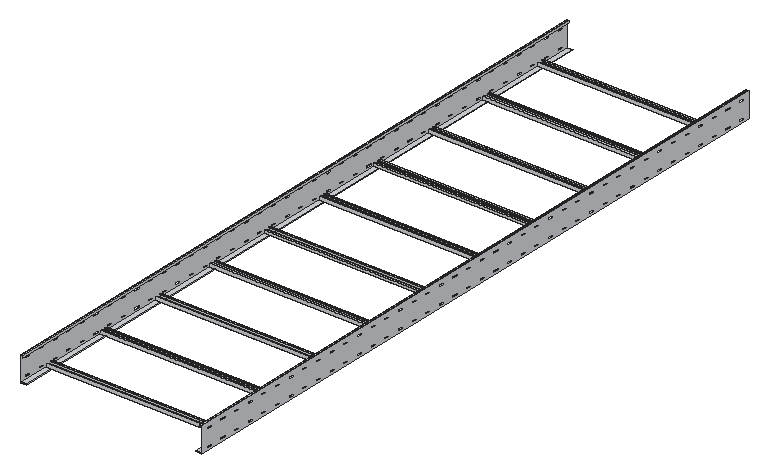
Revit family "Kabelleiter SCLS 1180 3 FTSO", category Generic Models, Revit 2017
Family settings
  Can host rebar = No
  Round Connector Dimension = Use Diameter
  Part Type = Normal
  Work Plane-Based = No
  Always vertical = Yes
  Cut with Voids When Loaded = No
  Shared = No
  Room Calculation Point = No
Parameters (values of type "SLCS 1180 3 FTSO")
  Width = 799.993 mm
  URL = "http://www.obo-bettermann.com"
  Material = none
  Manufacturer Art.No. = "7186412"
  Manufacturer = "OBO BETTERMANN"
  Length = 3000 mm
  GTIN = "4012196696956"
  Cut's number 3 = 2
  Cut's number 2 = 10
  Cut's number = 40
  Article Type = "SLCS 1180 3 FTSO"
Reference planes
  plane 1 "Center (Front/Back)": y = 0
  plane 2: z = 0
  plane 3 "Center (Left/Right)": x = 0
  plane 4: x = 800
  plane 5: x = 800
  plane 6: y = 3000
  plane 7: y = 150
  plane 8: z = 17
  plane 9: y = 135
  plane 10: y = 165
  plane 11: y = 141.5
  plane 12: y = 158.5
  plane 13: y = 450
  plane 14: z = 17
  plane 15: y = 435
  plane 16: y = 465
  plane 17: y = 441.5
  plane 18: y = 458.5
  plane 19: y = 750
  plane 20: z = 17
  plane 21: y = 735
  plane 22: y = 765
  plane 23: y = 741.5
  plane 24: y = 758.5
  plane 25: y = 1050
  plane 26: z = 17
  plane 27: y = 1035
  plane 28: y = 1065
  plane 29: y = 1041.5
  plane 30: y = 1058.5
  plane 31: y = 1350
  plane 32: z = 17
  plane 33: y = 1335
  plane 34: y = 1365
  plane 35: y = 1341.5
  plane 36: y = 1358.5
  plane 37: y = 1650
  plane 38: z = 17
  plane 39: y = 1635
  plane 40: y = 1665
  plane 41: y = 1641.5
  plane 42: y = 1658.5
  plane 43: y = 1950
  plane 44: z = 17
  plane 45: y = 1935
  plane 46: y = 1965
  plane 47: y = 1941.5
  plane 48: y = 1958.5
  plane 49: y = 2250
  plane 50: z = 17
  plane 51: y = 2235
  plane 52: y = 2265
  plane 53: y = 2241.5
  plane 54: y = 2258.5
  plane 55: y = 2550
  plane 56: z = 17
  plane 57: y = 2535
  plane 58: y = 2565
  plane 59: y = 2541.5
  plane 60: y = 2558.5
  plane 61: y = 2850
  plane 62: z = 17
  plane 63: y = 2835
  plane 64: y = 2865
  plane 65: y = 2841.5
  plane 66: y = 2858.5
  plane 67: y = 37.5
  plane 68: z = 14
  plane 69: y = 37.5
  plane 70: z = 89
  plane 71: y = 112.5
  plane 72: z = 14
  plane 73: y = 112.5
  plane 74: z = 89
  plane 75: y = 187.5
  plane 76: z = 14
  plane 77: y = 187.5
  plane 78: z = 89
  plane 79: y = 262.5
  plane 80: z = 14
  plane 81: y = 262.5
  plane 82: z = 89
  plane 83: y = 337.5
  plane 84: z = 14
  plane 85: y = 337.5
  plane 86: z = 89
  plane 87: y = 412.5
  plane 88: z = 14
  plane 89: y = 412.5
  plane 90: z = 89
  plane 91: y = 487.5
  plane 92: z = 14
  plane 93: y = 487.5
  plane 94: z = 89
  plane 95: y = 562.5
  plane 96: z = 14
  plane 97: y = 562.5
  plane 98: z = 89
  plane 99: y = 637.5
  plane 100: z = 14
  plane 101: y = 637.5
  plane 102: z = 89
  plane 103: y = 712.5
  plane 104: z = 14
  plane 105: y = 712.5
  plane 106: z = 89
  plane 107: y = 787.5
  plane 108: z = 14
  plane 109: y = 787.5
  plane 110: z = 89
  plane 111: y = 862.5
  plane 112: z = 14
  plane 113: y = 862.5
  plane 114: z = 89
  plane 115: y = 937.5
  plane 116: z = 14
  plane 117: y = 937.5
  plane 118: z = 89
  plane 119: y = 1012.5
  plane 120: z = 14
  plane 121: y = 1012.5
  plane 122: z = 89
  plane 123: y = 1087.5
  plane 124: z = 14
  plane 125: y = 1087.5
  plane 126: z = 89
  plane 127: y = 1162.5
  plane 128: z = 14
  plane 129: y = 1162.5
  plane 130: z = 89
  plane 131: y = 1237.5
  plane 132: z = 14
  plane 133: y = 1237.5
  plane 134: z = 89
  plane 135: y = 1312.5
  plane 136: z = 14
  plane 137: y = 1312.5
  plane 138: z = 89
  plane 139: y = 1387.5
  plane 140: z = 14
  plane 141: y = 1387.5
  plane 142: z = 89
  plane 143: y = 1462.5
  plane 144: z = 14
  plane 145: y = 1462.5
  plane 146: z = 89
  plane 147: y = 1537.5
  plane 148: z = 14
  plane 149: y = 1537.5
  plane 150: z = 89
  plane 151: y = 1612.5
  plane 152: z = 14
  plane 153: y = 1612.5
  plane 154: z = 89
  plane 155: y = 1687.5
  plane 156: z = 14
  plane 157: y = 1687.5
  plane 158: z = 89
  plane 159: y = 1762.5
  plane 160: z = 14
  plane 161: y = 1762.5
  plane 162: z = 89
  plane 163: y = 1837.5
  plane 164: z = 14
  plane 165: y = 1837.5
  plane 166: z = 89
  plane 167: y = 1912.5
  plane 168: z = 14
  plane 169: y = 1912.5
  plane 170: z = 89
  plane 171: y = 1987.5
  plane 172: z = 14
  plane 173: y = 1987.5
  plane 174: z = 89
  plane 175: y = 2062.5
  plane 176: z = 14
  plane 177: y = 2062.5
  plane 178: z = 89
  plane 179: y = 2137.5
  plane 180: z = 14
  plane 181: y = 2137.5
  plane 182: z = 89
  plane 183: y = 2212.5
  plane 184: z = 14
  plane 185: y = 2212.5
  plane 186: z = 89
  plane 187: y = 2287.5
  plane 188: z = 14
  plane 189: y = 2287.5
  plane 190: z = 89
  plane 191: y = 2362.5
  plane 192: z = 14
  plane 193: y = 2362.5
  plane 194: z = 89
  plane 195: y = 2437.5
  plane 196: z = 14
  plane 197: y = 2437.5
  plane 198: z = 89
  plane 199: y = 2512.5
  plane 200: z = 14
  plane 201: y = 2512.5
  plane 202: z = 89
  plane 203: y = 2587.5
  plane 204: z = 14
  plane 205: y = 2587.5
  plane 206: z = 89
  plane 207: y = 2662.5
  plane 208: z = 14
  plane 209: y = 2662.5
  plane 210: z = 89
  plane 211: y = 2737.5
  plane 212: z = 14
  plane 213: y = 2737.5
  plane 214: z = 89
  plane 215: y = 2812.5
  plane 216: z = 14
  plane 217: y = 2812.5
  plane 218: z = 89
  plane 219: y = 2887.5
  plane 220: z = 14
  plane 221: y = 2887.5
  plane 222: z = 89
  plane 223: y = 2962.5
  plane 224: z = 14
  plane 225: y = 2962.5
  plane 226: z = 89
  plane 227: z = 14
  plane 228: y = 37.5
  plane 229: z = 89
  plane 230: y = 37.5
  plane 231: z = 14
  plane 232: y = 37.5
  plane 233: z = 14
  plane 234: y = 112.5
  plane 235: z = 89
  plane 236: y = 112.5
  plane 237: z = 14
  plane 238: y = 187.5
  plane 239: z = 89
  plane 240: y = 187.5
  plane 241: z = 14
  plane 242: y = 262.5
  plane 243: z = 89
  plane 244: y = 262.5
  plane 245: z = 14
  plane 246: y = 337.5
  plane 247: z = 89
  plane 248: y = 337.5
  plane 249: z = 14
  plane 250: y = 412.5
  plane 251: z = 89
  plane 252: y = 412.5
  plane 253: z = 14
  plane 254: y = 487.5
  plane 255: z = 89
  plane 256: y = 487.5
  plane 257: z = 14
  plane 258: y = 562.5
  plane 259: z = 89
  plane 260: y = 562.5
  plane 261: z = 14
  plane 262: y = 637.5
  plane 263: z = 89
  plane 264: y = 637.5
  plane 265: z = 14
  plane 266: y = 712.5
  plane 267: z = 89
  plane 268: y = 712.5
  plane 269: z = 14
  plane 270: y = 787.5
  plane 271: z = 89
  plane 272: y = 787.5
  plane 273: z = 14
  plane 274: y = 862.5
  plane 275: z = 89
  plane 276: y = 862.5
  plane 277: z = 14
  plane 278: y = 937.5
  plane 279: z = 89
  plane 280: y = 937.5
  plane 281: z = 14
  plane 282: y = 1012.5
  plane 283: z = 89
  plane 284: y = 1012.5
  plane 285: z = 14
  plane 286: y = 1087.5
  plane 287: z = 89
  plane 288: y = 1087.5
  plane 289: z = 14
  plane 290: y = 1162.5
  plane 291: z = 89
  plane 292: y = 1162.5
  plane 293: z = 14
  plane 294: y = 1237.5
  plane 295: z = 89
  plane 296: y = 1237.5
  plane 297: z = 14
  plane 298: y = 1312.5
  plane 299: z = 89
  plane 300: y = 1312.5
  plane 301: z = 14
  plane 302: y = 1387.5
  plane 303: z = 89
  plane 304: y = 1387.5
  plane 305: z = 14
  plane 306: y = 1462.5
  plane 307: z = 89
  plane 308: y = 1462.5
  plane 309: z = 14
  plane 310: y = 1537.5
  plane 311: z = 89
  plane 312: y = 1537.5
  plane 313: z = 14
  plane 314: y = 1612.5
  plane 315: z = 89
  plane 316: y = 1612.5
  plane 317: z = 14
  plane 318: y = 1687.5
  plane 319: z = 89
  plane 320: y = 1687.5
  plane 321: z = 14
  plane 322: y = 1762.5
  plane 323: z = 89
  plane 324: y = 1762.5
  plane 325: z = 14
  plane 326: y = 1837.5
  plane 327: z = 89
  plane 328: y = 1837.5
  plane 329: z = 14
  plane 330: y = 1912.5
  plane 331: z = 89
  plane 332: y = 1912.5
  plane 333: z = 14
  plane 334: y = 1987.5
  plane 335: z = 89
  plane 336: y = 1987.5
  plane 337: z = 14
  plane 338: y = 2062.5
  plane 339: z = 89
  plane 340: y = 2062.5
  plane 341: z = 14
  plane 342: y = 2137.5
  plane 343: z = 89
  plane 344: y = 2137.5
  plane 345: z = 14
  plane 346: y = 2212.5
  plane 347: z = 89
  plane 348: y = 2212.5
  plane 349: z = 14
  plane 350: y = 2287.5
  plane 351: z = 89
  plane 352: y = 2287.5
  plane 353: z = 14
  plane 354: y = 2362.5
  plane 355: z = 89
  plane 356: y = 2362.5
  plane 357: z = 14
  plane 358: y = 2437.5
  plane 359: z = 89
  plane 360: y = 2437.5
  plane 361: z = 14
  plane 362: y = 2512.5
  plane 363: z = 89
  plane 364: y = 2512.5
  plane 365: z = 14
  plane 366: y = 2587.5
  plane 367: z = 89
  plane 368: y = 2587.5
  plane 369: z = 14
  plane 370: y = 2662.5
  plane 371: z = 89
  plane 372: y = 2662.5
  plane 373: z = 14
  plane 374: y = 2737.5
  plane 375: z = 89
  plane 376: y = 2737.5
  plane 377: z = 14
  plane 378: y = 2812.5
  plane 379: z = 89
  plane 380: y = 2812.5
  plane 381: z = 14
  plane 382: y = 2887.5
  plane 383: z = 89
  plane 384: y = 2887.5
  plane 385: z = 14
  plane 386: y = 2962.5
  plane 387: z = 89
  plane 388: y = 2962.5
Forms (mm)
  Extrusion 1, solid, material <- "Material"
    sketch origin (0, 0, 0) x (1, 0, 0) y (0, 0, 1)
      loop
        line (0.02, 0) -> (27.016, 0) -> (27.016, 2) -> (2.02, 2) -> (2.02, 108) -> (10.014, 108) -> (10.014, 101) -> (12.014, 101) -> (12.014, 110) -> (0.02, 110) -> (0.02, 0)
      loop
        line (799.993, 0) -> (799.993, 110) -> (787.993, 110) -> (787.993, 101) -> (789.993, 101) -> (789.993, 108) -> (797.993, 108) -> (797.993, 2) -> (772.982, 2) -> (772.982, 0) -> (799.993, 0)
    from 0 to -3000
  Extrusion 2, solid, material <- "Material"
    sketch origin (0, 0, 0) x (0, 1, 0) y (0, 0, 1)
      loop
        line (135, 2) -> (165, 2) -> (165, 17) -> (158.5, 17) -> (158.5, 15) -> (163, 15) -> (163, 4) -> (137, 4) -> (137, 15) -> (141.5, 15) -> (141.5, 17) -> (135, 17) -> (135, 2)
    from 2.02 to 797.993
  Extrusion 3, solid, material <- "Material"
    sketch origin (0, 300, 0) x (0, 1, 0) y (0, 0, 1)
      loop
        line (135, 2) -> (165, 2) -> (165, 17) -> (158.5, 17) -> (158.5, 15) -> (163, 15) -> (163, 4) -> (137, 4) -> (137, 15) -> (141.5, 15) -> (141.5, 17) -> (135, 17) -> (135, 2)
    from 2.02 to 797.993
  Extrusion 4, solid, material <- "Material"
    sketch origin (0, 600, 0) x (0, 1, 0) y (0, 0, 1)
      loop
        line (135, 2) -> (165, 2) -> (165, 17) -> (158.5, 17) -> (158.5, 15) -> (163, 15) -> (163, 4) -> (137, 4) -> (137, 15) -> (141.5, 15) -> (141.5, 17) -> (135, 17) -> (135, 2)
    from 2.02 to 797.993
  Extrusion 5, solid, material <- "Material"
    sketch origin (0, 900, 0) x (0, 1, 0) y (0, 0, 1)
      loop
        line (135, 2) -> (165, 2) -> (165, 17) -> (158.5, 17) -> (158.5, 15) -> (163, 15) -> (163, 4) -> (137, 4) -> (137, 15) -> (141.5, 15) -> (141.5, 17) -> (135, 17) -> (135, 2)
    from 2.02 to 797.993
  Extrusion 6, solid, material <- "Material"
    sketch origin (0, 1200, 0) x (0, 1, 0) y (0, 0, 1)
      loop
        line (135, 2) -> (165, 2) -> (165, 17) -> (158.5, 17) -> (158.5, 15) -> (163, 15) -> (163, 4) -> (137, 4) -> (137, 15) -> (141.5, 15) -> (141.5, 17) -> (135, 17) -> (135, 2)
    from 2.02 to 797.993
  Extrusion 7, solid, material <- "Material"
    sketch origin (0, 1500, 0) x (0, 1, 0) y (0, 0, 1)
      loop
        line (135, 2) -> (165, 2) -> (165, 17) -> (158.5, 17) -> (158.5, 15) -> (163, 15) -> (163, 4) -> (137, 4) -> (137, 15) -> (141.5, 15) -> (141.5, 17) -> (135, 17) -> (135, 2)
    from 2.02 to 797.993
  Extrusion 8, solid, material <- "Material"
    sketch origin (0, 1800, 0) x (0, 1, 0) y (0, 0, 1)
      loop
        line (135, 2) -> (165, 2) -> (165, 17) -> (158.5, 17) -> (158.5, 15) -> (163, 15) -> (163, 4) -> (137, 4) -> (137, 15) -> (141.5, 15) -> (141.5, 17) -> (135, 17) -> (135, 2)
    from 2.02 to 797.993
  Extrusion 9, solid, material <- "Material"
    sketch origin (0, 2100, 0) x (0, 1, 0) y (0, 0, 1)
      loop
        line (135, 2) -> (165, 2) -> (165, 17) -> (158.5, 17) -> (158.5, 15) -> (163, 15) -> (163, 4) -> (137, 4) -> (137, 15) -> (141.5, 15) -> (141.5, 17) -> (135, 17) -> (135, 2)
    from 2.02 to 797.993
  Extrusion 10, solid, material <- "Material"
    sketch origin (0, 2400, 0) x (0, 1, 0) y (0, 0, 1)
      loop
        line (135, 2) -> (165, 2) -> (165, 17) -> (158.5, 17) -> (158.5, 15) -> (163, 15) -> (163, 4) -> (137, 4) -> (137, 15) -> (141.5, 15) -> (141.5, 17) -> (135, 17) -> (135, 2)
    from 2.02 to 797.993
  Extrusion 11, solid, material <- "Material"
    sketch origin (0, 2700, 0) x (0, 1, 0) y (0, 0, 1)
      loop
        line (135, 2) -> (165, 2) -> (165, 17) -> (158.5, 17) -> (158.5, 15) -> (163, 15) -> (163, 4) -> (137, 4) -> (137, 15) -> (141.5, 15) -> (141.5, 17) -> (135, 17) -> (135, 2)
    from 2.02 to 797.993
  Extrusion 12, void
    sketch origin (0, 0, 0) x (0, 1, 0) y (0, 0, 1)
      loop
        line (23.5, 18.5) -> (23.5, 9.5) -> (51.5, 9.5) -> (51.5, 18.5) -> (23.5, 18.5)
    from 0 to 2.02
  Extrusion 13, void
    sketch origin (0, 0, 75) x (0, 1, 0) y (0, 0, 1)
      loop
        line (23.5, 18.5) -> (23.5, 9.5) -> (51.5, 9.5) -> (51.5, 18.5) -> (23.5, 18.5)
    from 0 to 2.02
  Extrusion 14, void
    sketch origin (0, 75, 0) x (0, 1, 0) y (0, 0, 1)
      loop
        line (23.5, 18.5) -> (23.5, 9.5) -> (51.5, 9.5) -> (51.5, 18.5) -> (23.5, 18.5)
    from 0 to 2.02
  Extrusion 15, void
    sketch origin (0, 75, 75) x (0, 1, 0) y (0, 0, 1)
      loop
        line (23.5, 18.5) -> (23.5, 9.5) -> (51.5, 9.5) -> (51.5, 18.5) -> (23.5, 18.5)
    from 0 to 2.02
  Extrusion 16, void
    sketch origin (0, 150, 0) x (0, 1, 0) y (0, 0, 1)
      loop
        line (23.5, 18.5) -> (23.5, 9.5) -> (51.5, 9.5) -> (51.5, 18.5) -> (23.5, 18.5)
    from 0 to 2.02
  Extrusion 17, void
    sketch origin (0, 150, 75) x (0, 1, 0) y (0, 0, 1)
      loop
        line (23.5, 18.5) -> (23.5, 9.5) -> (51.5, 9.5) -> (51.5, 18.5) -> (23.5, 18.5)
    from 0 to 2.02
  Extrusion 18, void
    sketch origin (0, 225, 0) x (0, 1, 0) y (0, 0, 1)
      loop
        line (23.5, 18.5) -> (23.5, 9.5) -> (51.5, 9.5) -> (51.5, 18.5) -> (23.5, 18.5)
    from 0 to 2.02
  Extrusion 19, void
    sketch origin (0, 225, 75) x (0, 1, 0) y (0, 0, 1)
      loop
        line (23.5, 18.5) -> (23.5, 9.5) -> (51.5, 9.5) -> (51.5, 18.5) -> (23.5, 18.5)
    from 0 to 2.02
  Extrusion 20, void
    sketch origin (0, 300, 0) x (0, 1, 0) y (0, 0, 1)
      loop
        line (23.5, 18.5) -> (23.5, 9.5) -> (51.5, 9.5) -> (51.5, 18.5) -> (23.5, 18.5)
    from 0 to 2.02
  Extrusion 21, void
    sketch origin (0, 300, 75) x (0, 1, 0) y (0, 0, 1)
      loop
        line (23.5, 18.5) -> (23.5, 9.5) -> (51.5, 9.5) -> (51.5, 18.5) -> (23.5, 18.5)
    from 0 to 2.02
  Extrusion 22, void
    sketch origin (0, 375, 0) x (0, 1, 0) y (0, 0, 1)
      loop
        line (23.5, 18.5) -> (23.5, 9.5) -> (51.5, 9.5) -> (51.5, 18.5) -> (23.5, 18.5)
    from 0 to 2.02
  Extrusion 23, void
    sketch origin (0, 375, 75) x (0, 1, 0) y (0, 0, 1)
      loop
        line (23.5, 18.5) -> (23.5, 9.5) -> (51.5, 9.5) -> (51.5, 18.5) -> (23.5, 18.5)
    from 0 to 2.02
  Extrusion 24, void
    sketch origin (0, 450, 0) x (0, 1, 0) y (0, 0, 1)
      loop
        line (23.5, 18.5) -> (23.5, 9.5) -> (51.5, 9.5) -> (51.5, 18.5) -> (23.5, 18.5)
    from 0 to 2.02
  Extrusion 25, void
    sketch origin (0, 450, 75) x (0, 1, 0) y (0, 0, 1)
      loop
        line (23.5, 18.5) -> (23.5, 9.5) -> (51.5, 9.5) -> (51.5, 18.5) -> (23.5, 18.5)
    from 0 to 2.02
  Extrusion 26, void
    sketch origin (0, 525, 0) x (0, 1, 0) y (0, 0, 1)
      loop
        line (23.5, 18.5) -> (23.5, 9.5) -> (51.5, 9.5) -> (51.5, 18.5) -> (23.5, 18.5)
    from 0 to 2.02
  Extrusion 27, void
    sketch origin (0, 525, 75) x (0, 1, 0) y (0, 0, 1)
      loop
        line (23.5, 18.5) -> (23.5, 9.5) -> (51.5, 9.5) -> (51.5, 18.5) -> (23.5, 18.5)
    from 0 to 2.02
  Extrusion 28, void
    sketch origin (0, 600, 0) x (0, 1, 0) y (0, 0, 1)
      loop
        line (23.5, 18.5) -> (23.5, 9.5) -> (51.5, 9.5) -> (51.5, 18.5) -> (23.5, 18.5)
    from 0 to 2.02
  Extrusion 29, void
    sketch origin (0, 600, 75) x (0, 1, 0) y (0, 0, 1)
      loop
        line (23.5, 18.5) -> (23.5, 9.5) -> (51.5, 9.5) -> (51.5, 18.5) -> (23.5, 18.5)
    from 0 to 2.02
  Extrusion 30, void
    sketch origin (0, 675, 0) x (0, 1, 0) y (0, 0, 1)
      loop
        line (23.5, 18.5) -> (23.5, 9.5) -> (51.5, 9.5) -> (51.5, 18.5) -> (23.5, 18.5)
    from 0 to 2.02
  Extrusion 31, void
    sketch origin (0, 675, 75) x (0, 1, 0) y (0, 0, 1)
      loop
        line (23.5, 18.5) -> (23.5, 9.5) -> (51.5, 9.5) -> (51.5, 18.5) -> (23.5, 18.5)
    from 0 to 2.02
  Extrusion 32, void
    sketch origin (0, 750, 0) x (0, 1, 0) y (0, 0, 1)
      loop
        line (23.5, 18.5) -> (23.5, 9.5) -> (51.5, 9.5) -> (51.5, 18.5) -> (23.5, 18.5)
    from 0 to 2.02
  Extrusion 33, void
    sketch origin (0, 750, 75) x (0, 1, 0) y (0, 0, 1)
      loop
        line (23.5, 18.5) -> (23.5, 9.5) -> (51.5, 9.5) -> (51.5, 18.5) -> (23.5, 18.5)
    from 0 to 2.02
  Extrusion 34, void
    sketch origin (0, 825, 0) x (0, 1, 0) y (0, 0, 1)
      loop
        line (23.5, 18.5) -> (23.5, 9.5) -> (51.5, 9.5) -> (51.5, 18.5) -> (23.5, 18.5)
    from 0 to 2.02
  Extrusion 35, void
    sketch origin (0, 825, 75) x (0, 1, 0) y (0, 0, 1)
      loop
        line (23.5, 18.5) -> (23.5, 9.5) -> (51.5, 9.5) -> (51.5, 18.5) -> (23.5, 18.5)
    from 0 to 2.02
  Extrusion 36, void
    sketch origin (0, 900, 0) x (0, 1, 0) y (0, 0, 1)
      loop
        line (23.5, 18.5) -> (23.5, 9.5) -> (51.5, 9.5) -> (51.5, 18.5) -> (23.5, 18.5)
    from 0 to 2.02
  Extrusion 37, void
    sketch origin (0, 900, 75) x (0, 1, 0) y (0, 0, 1)
      loop
        line (23.5, 18.5) -> (23.5, 9.5) -> (51.5, 9.5) -> (51.5, 18.5) -> (23.5, 18.5)
    from 0 to 2.02
  Extrusion 38, void
    sketch origin (0, 975, 0) x (0, 1, 0) y (0, 0, 1)
      loop
        line (23.5, 18.5) -> (23.5, 9.5) -> (51.5, 9.5) -> (51.5, 18.5) -> (23.5, 18.5)
    from 0 to 2.02
  Extrusion 39, void
    sketch origin (0, 975, 75) x (0, 1, 0) y (0, 0, 1)
      loop
        line (23.5, 18.5) -> (23.5, 9.5) -> (51.5, 9.5) -> (51.5, 18.5) -> (23.5, 18.5)
    from 0 to 2.02
  Extrusion 40, void
    sketch origin (0, 1050, 0) x (0, 1, 0) y (0, 0, 1)
      loop
        line (23.5, 18.5) -> (23.5, 9.5) -> (51.5, 9.5) -> (51.5, 18.5) -> (23.5, 18.5)
    from 0 to 2.02
  Extrusion 41, void
    sketch origin (0, 1050, 75) x (0, 1, 0) y (0, 0, 1)
      loop
        line (23.5, 18.5) -> (23.5, 9.5) -> (51.5, 9.5) -> (51.5, 18.5) -> (23.5, 18.5)
    from 0 to 2.02
  Extrusion 42, void
    sketch origin (0, 1125, 0) x (0, 1, 0) y (0, 0, 1)
      loop
        line (23.5, 18.5) -> (23.5, 9.5) -> (51.5, 9.5) -> (51.5, 18.5) -> (23.5, 18.5)
    from 0 to 2.02
  Extrusion 43, void
    sketch origin (0, 1125, 75) x (0, 1, 0) y (0, 0, 1)
      loop
        line (23.5, 18.5) -> (23.5, 9.5) -> (51.5, 9.5) -> (51.5, 18.5) -> (23.5, 18.5)
    from 0 to 2.02
  Extrusion 44, void
    sketch origin (0, 1200, 0) x (0, 1, 0) y (0, 0, 1)
      loop
        line (23.5, 18.5) -> (23.5, 9.5) -> (51.5, 9.5) -> (51.5, 18.5) -> (23.5, 18.5)
    from 0 to 2.02
  Extrusion 45, void
    sketch origin (0, 1200, 75) x (0, 1, 0) y (0, 0, 1)
      loop
        line (23.5, 18.5) -> (23.5, 9.5) -> (51.5, 9.5) -> (51.5, 18.5) -> (23.5, 18.5)
    from 0 to 2.02
  Extrusion 46, void
    sketch origin (0, 1275, 0) x (0, 1, 0) y (0, 0, 1)
      loop
        line (23.5, 18.5) -> (23.5, 9.5) -> (51.5, 9.5) -> (51.5, 18.5) -> (23.5, 18.5)
    from 0 to 2.02
  Extrusion 47, void
    sketch origin (0, 1275, 75) x (0, 1, 0) y (0, 0, 1)
      loop
        line (23.5, 18.5) -> (23.5, 9.5) -> (51.5, 9.5) -> (51.5, 18.5) -> (23.5, 18.5)
    from 0 to 2.02
  Extrusion 48, void
    sketch origin (0, 1350, 0) x (0, 1, 0) y (0, 0, 1)
      loop
        line (23.5, 18.5) -> (23.5, 9.5) -> (51.5, 9.5) -> (51.5, 18.5) -> (23.5, 18.5)
    from 0 to 2.02
  Extrusion 49, void
    sketch origin (0, 1350, 75) x (0, 1, 0) y (0, 0, 1)
      loop
        line (23.5, 18.5) -> (23.5, 9.5) -> (51.5, 9.5) -> (51.5, 18.5) -> (23.5, 18.5)
    from 0 to 2.02
  Extrusion 50, void
    sketch origin (0, 1425, 0) x (0, 1, 0) y (0, 0, 1)
      loop
        line (23.5, 18.5) -> (23.5, 9.5) -> (51.5, 9.5) -> (51.5, 18.5) -> (23.5, 18.5)
    from 0 to 2.02
  Extrusion 51, void
    sketch origin (0, 1425, 75) x (0, 1, 0) y (0, 0, 1)
      loop
        line (23.5, 18.5) -> (23.5, 9.5) -> (51.5, 9.5) -> (51.5, 18.5) -> (23.5, 18.5)
    from 0 to 2.02
  Extrusion 52, void
    sketch origin (0, 1500, 0) x (0, 1, 0) y (0, 0, 1)
      loop
        line (23.5, 18.5) -> (23.5, 9.5) -> (51.5, 9.5) -> (51.5, 18.5) -> (23.5, 18.5)
    from 0 to 2.02
  Extrusion 53, void
    sketch origin (0, 1500, 75) x (0, 1, 0) y (0, 0, 1)
      loop
        line (23.5, 18.5) -> (23.5, 9.5) -> (51.5, 9.5) -> (51.5, 18.5) -> (23.5, 18.5)
    from 0 to 2.02
  Extrusion 54, void
    sketch origin (0, 1575, 0) x (0, 1, 0) y (0, 0, 1)
      loop
        line (23.5, 18.5) -> (23.5, 9.5) -> (51.5, 9.5) -> (51.5, 18.5) -> (23.5, 18.5)
    from 0 to 2.02
  Extrusion 55, void
    sketch origin (0, 1575, 75) x (0, 1, 0) y (0, 0, 1)
      loop
        line (23.5, 18.5) -> (23.5, 9.5) -> (51.5, 9.5) -> (51.5, 18.5) -> (23.5, 18.5)
    from 0 to 2.02
  Extrusion 56, void
    sketch origin (0, 1650, 0) x (0, 1, 0) y (0, 0, 1)
      loop
        line (23.5, 18.5) -> (23.5, 9.5) -> (51.5, 9.5) -> (51.5, 18.5) -> (23.5, 18.5)
    from 0 to 2.02
  Extrusion 57, void
    sketch origin (0, 1650, 75) x (0, 1, 0) y (0, 0, 1)
      loop
        line (23.5, 18.5) -> (23.5, 9.5) -> (51.5, 9.5) -> (51.5, 18.5) -> (23.5, 18.5)
    from 0 to 2.02
  Extrusion 58, void
    sketch origin (0, 1725, 0) x (0, 1, 0) y (0, 0, 1)
      loop
        line (23.5, 18.5) -> (23.5, 9.5) -> (51.5, 9.5) -> (51.5, 18.5) -> (23.5, 18.5)
    from 0 to 2.02
  Extrusion 59, void
    sketch origin (0, 1725, 75) x (0, 1, 0) y (0, 0, 1)
      loop
        line (23.5, 18.5) -> (23.5, 9.5) -> (51.5, 9.5) -> (51.5, 18.5) -> (23.5, 18.5)
    from 0 to 2.02
  Extrusion 60, void
    sketch origin (0, 1800, 0) x (0, 1, 0) y (0, 0, 1)
      loop
        line (23.5, 18.5) -> (23.5, 9.5) -> (51.5, 9.5) -> (51.5, 18.5) -> (23.5, 18.5)
    from 0 to 2.02
  Extrusion 61, void
    sketch origin (0, 1800, 75) x (0, 1, 0) y (0, 0, 1)
      loop
        line (23.5, 18.5) -> (23.5, 9.5) -> (51.5, 9.5) -> (51.5, 18.5) -> (23.5, 18.5)
    from 0 to 2.02
  Extrusion 62, void
    sketch origin (0, 1875, 0) x (0, 1, 0) y (0, 0, 1)
      loop
        line (23.5, 18.5) -> (23.5, 9.5) -> (51.5, 9.5) -> (51.5, 18.5) -> (23.5, 18.5)
    from 0 to 2.02
  Extrusion 63, void
    sketch origin (0, 1875, 75) x (0, 1, 0) y (0, 0, 1)
      loop
        line (23.5, 18.5) -> (23.5, 9.5) -> (51.5, 9.5) -> (51.5, 18.5) -> (23.5, 18.5)
    from 0 to 2.02
  Extrusion 64, void
    sketch origin (0, 1950, 0) x (0, 1, 0) y (0, 0, 1)
      loop
        line (23.5, 18.5) -> (23.5, 9.5) -> (51.5, 9.5) -> (51.5, 18.5) -> (23.5, 18.5)
    from 0 to 2.02
  Extrusion 65, void
    sketch origin (0, 1950, 75) x (0, 1, 0) y (0, 0, 1)
      loop
        line (23.5, 18.5) -> (23.5, 9.5) -> (51.5, 9.5) -> (51.5, 18.5) -> (23.5, 18.5)
    from 0 to 2.02
  Extrusion 66, void
    sketch origin (0, 2025, 0) x (0, 1, 0) y (0, 0, 1)
      loop
        line (23.5, 18.5) -> (23.5, 9.5) -> (51.5, 9.5) -> (51.5, 18.5) -> (23.5, 18.5)
    from 0 to 2.02
  Extrusion 67, void
    sketch origin (0, 2025, 75) x (0, 1, 0) y (0, 0, 1)
      loop
        line (23.5, 18.5) -> (23.5, 9.5) -> (51.5, 9.5) -> (51.5, 18.5) -> (23.5, 18.5)
    from 0 to 2.02
  Extrusion 68, void
    sketch origin (0, 2100, 0) x (0, 1, 0) y (0, 0, 1)
      loop
        line (23.5, 18.5) -> (23.5, 9.5) -> (51.5, 9.5) -> (51.5, 18.5) -> (23.5, 18.5)
    from 0 to 2.02
  Extrusion 69, void
    sketch origin (0, 2100, 75) x (0, 1, 0) y (0, 0, 1)
      loop
        line (23.5, 18.5) -> (23.5, 9.5) -> (51.5, 9.5) -> (51.5, 18.5) -> (23.5, 18.5)
    from 0 to 2.02
  Extrusion 70, void
    sketch origin (0, 2175, 0) x (0, 1, 0) y (0, 0, 1)
      loop
        line (23.5, 18.5) -> (23.5, 9.5) -> (51.5, 9.5) -> (51.5, 18.5) -> (23.5, 18.5)
    from 0 to 2.02
  Extrusion 71, void
    sketch origin (0, 2175, 75) x (0, 1, 0) y (0, 0, 1)
      loop
        line (23.5, 18.5) -> (23.5, 9.5) -> (51.5, 9.5) -> (51.5, 18.5) -> (23.5, 18.5)
    from 0 to 2.02
  Extrusion 72, void
    sketch origin (0, 2250, 0) x (0, 1, 0) y (0, 0, 1)
      loop
        line (23.5, 18.5) -> (23.5, 9.5) -> (51.5, 9.5) -> (51.5, 18.5) -> (23.5, 18.5)
    from 0 to 2.02
  Extrusion 73, void
    sketch origin (0, 2250, 75) x (0, 1, 0) y (0, 0, 1)
      loop
        line (23.5, 18.5) -> (23.5, 9.5) -> (51.5, 9.5) -> (51.5, 18.5) -> (23.5, 18.5)
    from 0 to 2.02
  Extrusion 74, void
    sketch origin (0, 2325, 0) x (0, 1, 0) y (0, 0, 1)
      loop
        line (23.5, 18.5) -> (23.5, 9.5) -> (51.5, 9.5) -> (51.5, 18.5) -> (23.5, 18.5)
    from 0 to 2.02
  Extrusion 75, void
    sketch origin (0, 2325, 75) x (0, 1, 0) y (0, 0, 1)
      loop
        line (23.5, 18.5) -> (23.5, 9.5) -> (51.5, 9.5) -> (51.5, 18.5) -> (23.5, 18.5)
    from 0 to 2.02
  Extrusion 76, void
    sketch origin (0, 2400, 0) x (0, 1, 0) y (0, 0, 1)
      loop
        line (23.5, 18.5) -> (23.5, 9.5) -> (51.5, 9.5) -> (51.5, 18.5) -> (23.5, 18.5)
    from 0 to 2.02
  Extrusion 77, void
    sketch origin (0, 2400, 75) x (0, 1, 0) y (0, 0, 1)
      loop
        line (23.5, 18.5) -> (23.5, 9.5) -> (51.5, 9.5) -> (51.5, 18.5) -> (23.5, 18.5)
    from 0 to 2.02
  Extrusion 78, void
    sketch origin (0, 2475, 0) x (0, 1, 0) y (0, 0, 1)
      loop
        line (23.5, 18.5) -> (23.5, 9.5) -> (51.5, 9.5) -> (51.5, 18.5) -> (23.5, 18.5)
    from 0 to 2.02
  Extrusion 79, void
    sketch origin (0, 2475, 75) x (0, 1, 0) y (0, 0, 1)
      loop
        line (23.5, 18.5) -> (23.5, 9.5) -> (51.5, 9.5) -> (51.5, 18.5) -> (23.5, 18.5)
    from 0 to 2.02
  Extrusion 80, void
    sketch origin (0, 2550, 0) x (0, 1, 0) y (0, 0, 1)
      loop
        line (23.5, 18.5) -> (23.5, 9.5) -> (51.5, 9.5) -> (51.5, 18.5) -> (23.5, 18.5)
    from 0 to 2.02
  Extrusion 81, void
    sketch origin (0, 2550, 75) x (0, 1, 0) y (0, 0, 1)
      loop
        line (23.5, 18.5) -> (23.5, 9.5) -> (51.5, 9.5) -> (51.5, 18.5) -> (23.5, 18.5)
    from 0 to 2.02
  Extrusion 82, void
    sketch origin (0, 2625, 0) x (0, 1, 0) y (0, 0, 1)
      loop
        line (23.5, 18.5) -> (23.5, 9.5) -> (51.5, 9.5) -> (51.5, 18.5) -> (23.5, 18.5)
    from 0 to 2.02
  Extrusion 83, void
    sketch origin (0, 2625, 75) x (0, 1, 0) y (0, 0, 1)
      loop
        line (23.5, 18.5) -> (23.5, 9.5) -> (51.5, 9.5) -> (51.5, 18.5) -> (23.5, 18.5)
    from 0 to 2.02
  Extrusion 84, void
    sketch origin (0, 2700, 0) x (0, 1, 0) y (0, 0, 1)
      loop
        line (23.5, 18.5) -> (23.5, 9.5) -> (51.5, 9.5) -> (51.5, 18.5) -> (23.5, 18.5)
    from 0 to 2.02
  Extrusion 85, void
    sketch origin (0, 2700, 75) x (0, 1, 0) y (0, 0, 1)
      loop
        line (23.5, 18.5) -> (23.5, 9.5) -> (51.5, 9.5) -> (51.5, 18.5) -> (23.5, 18.5)
    from 0 to 2.02
  Extrusion 86, void
    sketch origin (0, 2775, 0) x (0, 1, 0) y (0, 0, 1)
      loop
        line (23.5, 18.5) -> (23.5, 9.5) -> (51.5, 9.5) -> (51.5, 18.5) -> (23.5, 18.5)
    from 0 to 2.02
  Extrusion 87, void
    sketch origin (0, 2775, 75) x (0, 1, 0) y (0, 0, 1)
      loop
        line (23.5, 18.5) -> (23.5, 9.5) -> (51.5, 9.5) -> (51.5, 18.5) -> (23.5, 18.5)
    from 0 to 2.02
  Extrusion 88, void
    sketch origin (0, 2850, 0) x (0, 1, 0) y (0, 0, 1)
      loop
        line (23.5, 18.5) -> (23.5, 9.5) -> (51.5, 9.5) -> (51.5, 18.5) -> (23.5, 18.5)
    from 0 to 2.02
  Extrusion 89, void
    sketch origin (0, 2850, 75) x (0, 1, 0) y (0, 0, 1)
      loop
        line (23.5, 18.5) -> (23.5, 9.5) -> (51.5, 9.5) -> (51.5, 18.5) -> (23.5, 18.5)
    from 0 to 2.02
  Extrusion 90, void
    sketch origin (0, 2925, 0) x (0, 1, 0) y (0, 0, 1)
      loop
        line (23.5, 18.5) -> (23.5, 9.5) -> (51.5, 9.5) -> (51.5, 18.5) -> (23.5, 18.5)
    from 0 to 2.02
  Extrusion 91, void
    sketch origin (0, 2925, 75) x (0, 1, 0) y (0, 0, 1)
      loop
        line (23.5, 18.5) -> (23.5, 9.5) -> (51.5, 9.5) -> (51.5, 18.5) -> (23.5, 18.5)
    from 0 to 2.02
  Extrusion 92, void
    sketch origin (0, 0, 0) x (0, 1, 0) y (0, 0, 1)
      loop
        line (23.5, 18.5) -> (23.5, 9.5) -> (51.5, 9.5) -> (51.5, 18.5) -> (23.5, 18.5)
    from 797.993 to 799.993
  Extrusion 93, void
    sketch origin (0, 0, 75) x (0, 1, 0) y (0, 0, 1)
      loop
        line (23.5, 18.5) -> (23.5, 9.5) -> (51.5, 9.5) -> (51.5, 18.5) -> (23.5, 18.5)
    from 797.993 to 799.993
  Extrusion 94, void, not visible
    sketch origin (0, 0, 0) x (0, 1, 0) y (0, 0, 1)
      loop
        line (23.5, 18.5) -> (23.5, 9.5) -> (51.5, 9.5) -> (51.5, 18.5) -> (23.5, 18.5)
    from 797.993 to 799.993
  Extrusion 95, void
    sketch origin (0, 75, 0) x (0, 1, 0) y (0, 0, 1)
      loop
        line (23.5, 18.5) -> (23.5, 9.5) -> (51.5, 9.5) -> (51.5, 18.5) -> (23.5, 18.5)
    from 797.993 to 799.993
  Extrusion 96, void
    sketch origin (0, 75, 75) x (0, 1, 0) y (0, 0, 1)
      loop
        line (23.5, 18.5) -> (23.5, 9.5) -> (51.5, 9.5) -> (51.5, 18.5) -> (23.5, 18.5)
    from 797.993 to 799.993
  Extrusion 97, void
    sketch origin (0, 150, 0) x (0, 1, 0) y (0, 0, 1)
      loop
        line (23.5, 18.5) -> (23.5, 9.5) -> (51.5, 9.5) -> (51.5, 18.5) -> (23.5, 18.5)
    from 797.993 to 799.993
  Extrusion 98, void
    sketch origin (0, 150, 75) x (0, 1, 0) y (0, 0, 1)
      loop
        line (23.5, 18.5) -> (23.5, 9.5) -> (51.5, 9.5) -> (51.5, 18.5) -> (23.5, 18.5)
    from 797.993 to 799.993
  Extrusion 99, void
    sketch origin (0, 225, 0) x (0, 1, 0) y (0, 0, 1)
      loop
        line (23.5, 18.5) -> (23.5, 9.5) -> (51.5, 9.5) -> (51.5, 18.5) -> (23.5, 18.5)
    from 797.993 to 799.993
  Extrusion 100, void
    sketch origin (0, 225, 75) x (0, 1, 0) y (0, 0, 1)
      loop
        line (23.5, 18.5) -> (23.5, 9.5) -> (51.5, 9.5) -> (51.5, 18.5) -> (23.5, 18.5)
    from 797.993 to 799.993
  Extrusion 101, void
    sketch origin (0, 300, 0) x (0, 1, 0) y (0, 0, 1)
      loop
        line (23.5, 18.5) -> (23.5, 9.5) -> (51.5, 9.5) -> (51.5, 18.5) -> (23.5, 18.5)
    from 797.993 to 799.993
  Extrusion 102, void
    sketch origin (0, 300, 75) x (0, 1, 0) y (0, 0, 1)
      loop
        line (23.5, 18.5) -> (23.5, 9.5) -> (51.5, 9.5) -> (51.5, 18.5) -> (23.5, 18.5)
    from 797.993 to 799.993
  Extrusion 103, void
    sketch origin (0, 375, 0) x (0, 1, 0) y (0, 0, 1)
      loop
        line (23.5, 18.5) -> (23.5, 9.5) -> (51.5, 9.5) -> (51.5, 18.5) -> (23.5, 18.5)
    from 797.993 to 799.993
  Extrusion 104, void
    sketch origin (0, 375, 75) x (0, 1, 0) y (0, 0, 1)
      loop
        line (23.5, 18.5) -> (23.5, 9.5) -> (51.5, 9.5) -> (51.5, 18.5) -> (23.5, 18.5)
    from 797.993 to 799.993
  Extrusion 105, void
    sketch origin (0, 450, 0) x (0, 1, 0) y (0, 0, 1)
      loop
        line (23.5, 18.5) -> (23.5, 9.5) -> (51.5, 9.5) -> (51.5, 18.5) -> (23.5, 18.5)
    from 797.993 to 799.993
  Extrusion 106, void
    sketch origin (0, 450, 75) x (0, 1, 0) y (0, 0, 1)
      loop
        line (23.5, 18.5) -> (23.5, 9.5) -> (51.5, 9.5) -> (51.5, 18.5) -> (23.5, 18.5)
    from 797.993 to 799.993
  Extrusion 107, void
    sketch origin (0, 525, 0) x (0, 1, 0) y (0, 0, 1)
      loop
        line (23.5, 18.5) -> (23.5, 9.5) -> (51.5, 9.5) -> (51.5, 18.5) -> (23.5, 18.5)
    from 797.993 to 799.993
  Extrusion 108, void
    sketch origin (0, 525, 75) x (0, 1, 0) y (0, 0, 1)
      loop
        line (23.5, 18.5) -> (23.5, 9.5) -> (51.5, 9.5) -> (51.5, 18.5) -> (23.5, 18.5)
    from 797.993 to 799.993
  Extrusion 109, void
    sketch origin (0, 600, 0) x (0, 1, 0) y (0, 0, 1)
      loop
        line (23.5, 18.5) -> (23.5, 9.5) -> (51.5, 9.5) -> (51.5, 18.5) -> (23.5, 18.5)
    from 797.993 to 799.993
  Extrusion 110, void
    sketch origin (0, 600, 75) x (0, 1, 0) y (0, 0, 1)
      loop
        line (23.5, 18.5) -> (23.5, 9.5) -> (51.5, 9.5) -> (51.5, 18.5) -> (23.5, 18.5)
    from 797.993 to 799.993
  Extrusion 111, void
    sketch origin (0, 675, 0) x (0, 1, 0) y (0, 0, 1)
      loop
        line (23.5, 18.5) -> (23.5, 9.5) -> (51.5, 9.5) -> (51.5, 18.5) -> (23.5, 18.5)
    from 797.993 to 799.993
  Extrusion 112, void
    sketch origin (0, 675, 75) x (0, 1, 0) y (0, 0, 1)
      loop
        line (23.5, 18.5) -> (23.5, 9.5) -> (51.5, 9.5) -> (51.5, 18.5) -> (23.5, 18.5)
    from 797.993 to 799.993
  Extrusion 113, void
    sketch origin (0, 750, 0) x (0, 1, 0) y (0, 0, 1)
      loop
        line (23.5, 18.5) -> (23.5, 9.5) -> (51.5, 9.5) -> (51.5, 18.5) -> (23.5, 18.5)
    from 797.993 to 799.993
  Extrusion 114, void
    sketch origin (0, 750, 75) x (0, 1, 0) y (0, 0, 1)
      loop
        line (23.5, 18.5) -> (23.5, 9.5) -> (51.5, 9.5) -> (51.5, 18.5) -> (23.5, 18.5)
    from 797.993 to 799.993
  Extrusion 115, void
    sketch origin (0, 825, 0) x (0, 1, 0) y (0, 0, 1)
      loop
        line (23.5, 18.5) -> (23.5, 9.5) -> (51.5, 9.5) -> (51.5, 18.5) -> (23.5, 18.5)
    from 797.993 to 799.993
  Extrusion 116, void
    sketch origin (0, 825, 75) x (0, 1, 0) y (0, 0, 1)
      loop
        line (23.5, 18.5) -> (23.5, 9.5) -> (51.5, 9.5) -> (51.5, 18.5) -> (23.5, 18.5)
    from 797.993 to 799.993
  Extrusion 117, void
    sketch origin (0, 900, 0) x (0, 1, 0) y (0, 0, 1)
      loop
        line (23.5, 18.5) -> (23.5, 9.5) -> (51.5, 9.5) -> (51.5, 18.5) -> (23.5, 18.5)
    from 797.993 to 799.993
  Extrusion 118, void
    sketch origin (0, 900, 75) x (0, 1, 0) y (0, 0, 1)
      loop
        line (23.5, 18.5) -> (23.5, 9.5) -> (51.5, 9.5) -> (51.5, 18.5) -> (23.5, 18.5)
    from 797.993 to 799.993
  Extrusion 119, void
    sketch origin (0, 975, 0) x (0, 1, 0) y (0, 0, 1)
      loop
        line (23.5, 18.5) -> (23.5, 9.5) -> (51.5, 9.5) -> (51.5, 18.5) -> (23.5, 18.5)
    from 797.993 to 799.993
  Extrusion 120, void
    sketch origin (0, 975, 75) x (0, 1, 0) y (0, 0, 1)
      loop
        line (23.5, 18.5) -> (23.5, 9.5) -> (51.5, 9.5) -> (51.5, 18.5) -> (23.5, 18.5)
    from 797.993 to 799.993
  Extrusion 121, void
    sketch origin (0, 1050, 0) x (0, 1, 0) y (0, 0, 1)
      loop
        line (23.5, 18.5) -> (23.5, 9.5) -> (51.5, 9.5) -> (51.5, 18.5) -> (23.5, 18.5)
    from 797.993 to 799.993
  Extrusion 122, void
    sketch origin (0, 1050, 75) x (0, 1, 0) y (0, 0, 1)
      loop
        line (23.5, 18.5) -> (23.5, 9.5) -> (51.5, 9.5) -> (51.5, 18.5) -> (23.5, 18.5)
    from 797.993 to 799.993
  Extrusion 123, void
    sketch origin (0, 1125, 0) x (0, 1, 0) y (0, 0, 1)
      loop
        line (23.5, 18.5) -> (23.5, 9.5) -> (51.5, 9.5) -> (51.5, 18.5) -> (23.5, 18.5)
    from 797.993 to 799.993
  Extrusion 124, void
    sketch origin (0, 1125, 75) x (0, 1, 0) y (0, 0, 1)
      loop
        line (23.5, 18.5) -> (23.5, 9.5) -> (51.5, 9.5) -> (51.5, 18.5) -> (23.5, 18.5)
    from 797.993 to 799.993
  Extrusion 125, void
    sketch origin (0, 1200, 0) x (0, 1, 0) y (0, 0, 1)
      loop
        line (23.5, 18.5) -> (23.5, 9.5) -> (51.5, 9.5) -> (51.5, 18.5) -> (23.5, 18.5)
    from 797.993 to 799.993
  Extrusion 126, void
    sketch origin (0, 1200, 75) x (0, 1, 0) y (0, 0, 1)
      loop
        line (23.5, 18.5) -> (23.5, 9.5) -> (51.5, 9.5) -> (51.5, 18.5) -> (23.5, 18.5)
    from 797.993 to 799.993
  Extrusion 127, void
    sketch origin (0, 1275, 0) x (0, 1, 0) y (0, 0, 1)
      loop
        line (23.5, 18.5) -> (23.5, 9.5) -> (51.5, 9.5) -> (51.5, 18.5) -> (23.5, 18.5)
    from 797.993 to 799.993
  Extrusion 128, void
    sketch origin (0, 1275, 75) x (0, 1, 0) y (0, 0, 1)
      loop
        line (23.5, 18.5) -> (23.5, 9.5) -> (51.5, 9.5) -> (51.5, 18.5) -> (23.5, 18.5)
    from 797.993 to 799.993
  Extrusion 129, void
    sketch origin (0, 1350, 0) x (0, 1, 0) y (0, 0, 1)
      loop
        line (23.5, 18.5) -> (23.5, 9.5) -> (51.5, 9.5) -> (51.5, 18.5) -> (23.5, 18.5)
    from 797.993 to 799.993
  Extrusion 130, void
    sketch origin (0, 1350, 75) x (0, 1, 0) y (0, 0, 1)
      loop
        line (23.5, 18.5) -> (23.5, 9.5) -> (51.5, 9.5) -> (51.5, 18.5) -> (23.5, 18.5)
    from 797.993 to 799.993
  Extrusion 131, void
    sketch origin (0, 1425, 0) x (0, 1, 0) y (0, 0, 1)
      loop
        line (23.5, 18.5) -> (23.5, 9.5) -> (51.5, 9.5) -> (51.5, 18.5) -> (23.5, 18.5)
    from 797.993 to 799.993
  Extrusion 132, void
    sketch origin (0, 1425, 75) x (0, 1, 0) y (0, 0, 1)
      loop
        line (23.5, 18.5) -> (23.5, 9.5) -> (51.5, 9.5) -> (51.5, 18.5) -> (23.5, 18.5)
    from 797.993 to 799.993
  Extrusion 133, void
    sketch origin (0, 1500, 0) x (0, 1, 0) y (0, 0, 1)
      loop
        line (23.5, 18.5) -> (23.5, 9.5) -> (51.5, 9.5) -> (51.5, 18.5) -> (23.5, 18.5)
    from 797.993 to 799.993
  Extrusion 134, void
    sketch origin (0, 1500, 75) x (0, 1, 0) y (0, 0, 1)
      loop
        line (23.5, 18.5) -> (23.5, 9.5) -> (51.5, 9.5) -> (51.5, 18.5) -> (23.5, 18.5)
    from 797.993 to 799.993
  Extrusion 135, void
    sketch origin (0, 1575, 0) x (0, 1, 0) y (0, 0, 1)
      loop
        line (23.5, 18.5) -> (23.5, 9.5) -> (51.5, 9.5) -> (51.5, 18.5) -> (23.5, 18.5)
    from 797.993 to 799.993
  Extrusion 136, void
    sketch origin (0, 1575, 75) x (0, 1, 0) y (0, 0, 1)
      loop
        line (23.5, 18.5) -> (23.5, 9.5) -> (51.5, 9.5) -> (51.5, 18.5) -> (23.5, 18.5)
    from 797.993 to 799.993
  Extrusion 137, void
    sketch origin (0, 1650, 0) x (0, 1, 0) y (0, 0, 1)
      loop
        line (23.5, 18.5) -> (23.5, 9.5) -> (51.5, 9.5) -> (51.5, 18.5) -> (23.5, 18.5)
    from 797.993 to 799.993
  Extrusion 138, void
    sketch origin (0, 1650, 75) x (0, 1, 0) y (0, 0, 1)
      loop
        line (23.5, 18.5) -> (23.5, 9.5) -> (51.5, 9.5) -> (51.5, 18.5) -> (23.5, 18.5)
    from 797.993 to 799.993
  Extrusion 139, void
    sketch origin (0, 1725, 0) x (0, 1, 0) y (0, 0, 1)
      loop
        line (23.5, 18.5) -> (23.5, 9.5) -> (51.5, 9.5) -> (51.5, 18.5) -> (23.5, 18.5)
    from 797.993 to 799.993
  Extrusion 140, void
    sketch origin (0, 1725, 75) x (0, 1, 0) y (0, 0, 1)
      loop
        line (23.5, 18.5) -> (23.5, 9.5) -> (51.5, 9.5) -> (51.5, 18.5) -> (23.5, 18.5)
    from 797.993 to 799.993
  Extrusion 141, void
    sketch origin (0, 1800, 0) x (0, 1, 0) y (0, 0, 1)
      loop
        line (23.5, 18.5) -> (23.5, 9.5) -> (51.5, 9.5) -> (51.5, 18.5) -> (23.5, 18.5)
    from 797.993 to 799.993
  Extrusion 142, void
    sketch origin (0, 1800, 75) x (0, 1, 0) y (0, 0, 1)
      loop
        line (23.5, 18.5) -> (23.5, 9.5) -> (51.5, 9.5) -> (51.5, 18.5) -> (23.5, 18.5)
    from 797.993 to 799.993
  Extrusion 143, void
    sketch origin (0, 1875, 0) x (0, 1, 0) y (0, 0, 1)
      loop
        line (23.5, 18.5) -> (23.5, 9.5) -> (51.5, 9.5) -> (51.5, 18.5) -> (23.5, 18.5)
    from 797.993 to 799.993
  Extrusion 144, void
    sketch origin (0, 1875, 75) x (0, 1, 0) y (0, 0, 1)
      loop
        line (23.5, 18.5) -> (23.5, 9.5) -> (51.5, 9.5) -> (51.5, 18.5) -> (23.5, 18.5)
    from 797.993 to 799.993
  Extrusion 145, void
    sketch origin (0, 1950, 0) x (0, 1, 0) y (0, 0, 1)
      loop
        line (23.5, 18.5) -> (23.5, 9.5) -> (51.5, 9.5) -> (51.5, 18.5) -> (23.5, 18.5)
    from 797.993 to 799.993
  Extrusion 146, void
    sketch origin (0, 1950, 75) x (0, 1, 0) y (0, 0, 1)
      loop
        line (23.5, 18.5) -> (23.5, 9.5) -> (51.5, 9.5) -> (51.5, 18.5) -> (23.5, 18.5)
    from 797.993 to 799.993
  Extrusion 147, void
    sketch origin (0, 2025, 0) x (0, 1, 0) y (0, 0, 1)
      loop
        line (23.5, 18.5) -> (23.5, 9.5) -> (51.5, 9.5) -> (51.5, 18.5) -> (23.5, 18.5)
    from 797.993 to 799.993
  Extrusion 148, void
    sketch origin (0, 2025, 75) x (0, 1, 0) y (0, 0, 1)
      loop
        line (23.5, 18.5) -> (23.5, 9.5) -> (51.5, 9.5) -> (51.5, 18.5) -> (23.5, 18.5)
    from 797.993 to 799.993
  Extrusion 149, void
    sketch origin (0, 2100, 0) x (0, 1, 0) y (0, 0, 1)
      loop
        line (23.5, 18.5) -> (23.5, 9.5) -> (51.5, 9.5) -> (51.5, 18.5) -> (23.5, 18.5)
    from 797.993 to 799.993
  Extrusion 150, void
    sketch origin (0, 2100, 75) x (0, 1, 0) y (0, 0, 1)
      loop
        line (23.5, 18.5) -> (23.5, 9.5) -> (51.5, 9.5) -> (51.5, 18.5) -> (23.5, 18.5)
    from 797.993 to 799.993
  Extrusion 151, void
    sketch origin (0, 2175, 0) x (0, 1, 0) y (0, 0, 1)
      loop
        line (23.5, 18.5) -> (23.5, 9.5) -> (51.5, 9.5) -> (51.5, 18.5) -> (23.5, 18.5)
    from 797.993 to 799.993
  Extrusion 152, void
    sketch origin (0, 2175, 75) x (0, 1, 0) y (0, 0, 1)
      loop
        line (23.5, 18.5) -> (23.5, 9.5) -> (51.5, 9.5) -> (51.5, 18.5) -> (23.5, 18.5)
    from 797.993 to 799.993
  Extrusion 153, void
    sketch origin (0, 2250, 0) x (0, 1, 0) y (0, 0, 1)
      loop
        line (23.5, 18.5) -> (23.5, 9.5) -> (51.5, 9.5) -> (51.5, 18.5) -> (23.5, 18.5)
    from 797.993 to 799.993
  Extrusion 154, void
    sketch origin (0, 2250, 75) x (0, 1, 0) y (0, 0, 1)
      loop
        line (23.5, 18.5) -> (23.5, 9.5) -> (51.5, 9.5) -> (51.5, 18.5) -> (23.5, 18.5)
    from 797.993 to 799.993
  Extrusion 155, void
    sketch origin (0, 2325, 0) x (0, 1, 0) y (0, 0, 1)
      loop
        line (23.5, 18.5) -> (23.5, 9.5) -> (51.5, 9.5) -> (51.5, 18.5) -> (23.5, 18.5)
    from 797.993 to 799.993
  Extrusion 156, void
    sketch origin (0, 2325, 75) x (0, 1, 0) y (0, 0, 1)
      loop
        line (23.5, 18.5) -> (23.5, 9.5) -> (51.5, 9.5) -> (51.5, 18.5) -> (23.5, 18.5)
    from 797.993 to 799.993
  Extrusion 157, void
    sketch origin (0, 2400, 0) x (0, 1, 0) y (0, 0, 1)
      loop
        line (23.5, 18.5) -> (23.5, 9.5) -> (51.5, 9.5) -> (51.5, 18.5) -> (23.5, 18.5)
    from 797.993 to 799.993
  Extrusion 158, void
    sketch origin (0, 2400, 75) x (0, 1, 0) y (0, 0, 1)
      loop
        line (23.5, 18.5) -> (23.5, 9.5) -> (51.5, 9.5) -> (51.5, 18.5) -> (23.5, 18.5)
    from 797.993 to 799.993
  Extrusion 159, void
    sketch origin (0, 2475, 0) x (0, 1, 0) y (0, 0, 1)
      loop
        line (23.5, 18.5) -> (23.5, 9.5) -> (51.5, 9.5) -> (51.5, 18.5) -> (23.5, 18.5)
    from 797.993 to 799.993
  Extrusion 160, void
    sketch origin (0, 2475, 75) x (0, 1, 0) y (0, 0, 1)
      loop
        line (23.5, 18.5) -> (23.5, 9.5) -> (51.5, 9.5) -> (51.5, 18.5) -> (23.5, 18.5)
    from 797.993 to 799.993
  Extrusion 161, void
    sketch origin (0, 2550, 0) x (0, 1, 0) y (0, 0, 1)
      loop
        line (23.5, 18.5) -> (23.5, 9.5) -> (51.5, 9.5) -> (51.5, 18.5) -> (23.5, 18.5)
    from 797.993 to 799.993
  Extrusion 162, void
    sketch origin (0, 2550, 75) x (0, 1, 0) y (0, 0, 1)
      loop
        line (23.5, 18.5) -> (23.5, 9.5) -> (51.5, 9.5) -> (51.5, 18.5) -> (23.5, 18.5)
    from 797.993 to 799.993
  Extrusion 163, void
    sketch origin (0, 2625, 0) x (0, 1, 0) y (0, 0, 1)
      loop
        line (23.5, 18.5) -> (23.5, 9.5) -> (51.5, 9.5) -> (51.5, 18.5) -> (23.5, 18.5)
    from 797.993 to 799.993
  Extrusion 164, void
    sketch origin (0, 2625, 75) x (0, 1, 0) y (0, 0, 1)
      loop
        line (23.5, 18.5) -> (23.5, 9.5) -> (51.5, 9.5) -> (51.5, 18.5) -> (23.5, 18.5)
    from 797.993 to 799.993
  Extrusion 165, void
    sketch origin (0, 2700, 0) x (0, 1, 0) y (0, 0, 1)
      loop
        line (23.5, 18.5) -> (23.5, 9.5) -> (51.5, 9.5) -> (51.5, 18.5) -> (23.5, 18.5)
    from 797.993 to 799.993
  Extrusion 166, void
    sketch origin (0, 2700, 75) x (0, 1, 0) y (0, 0, 1)
      loop
        line (23.5, 18.5) -> (23.5, 9.5) -> (51.5, 9.5) -> (51.5, 18.5) -> (23.5, 18.5)
    from 797.993 to 799.993
  Extrusion 167, void
    sketch origin (0, 2775, 0) x (0, 1, 0) y (0, 0, 1)
      loop
        line (23.5, 18.5) -> (23.5, 9.5) -> (51.5, 9.5) -> (51.5, 18.5) -> (23.5, 18.5)
    from 797.993 to 799.993
  Extrusion 168, void
    sketch origin (0, 2775, 75) x (0, 1, 0) y (0, 0, 1)
      loop
        line (23.5, 18.5) -> (23.5, 9.5) -> (51.5, 9.5) -> (51.5, 18.5) -> (23.5, 18.5)
    from 797.993 to 799.993
  Extrusion 169, void
    sketch origin (0, 2850, 0) x (0, 1, 0) y (0, 0, 1)
      loop
        line (23.5, 18.5) -> (23.5, 9.5) -> (51.5, 9.5) -> (51.5, 18.5) -> (23.5, 18.5)
    from 797.993 to 799.993
  Extrusion 170, void
    sketch origin (0, 2850, 75) x (0, 1, 0) y (0, 0, 1)
      loop
        line (23.5, 18.5) -> (23.5, 9.5) -> (51.5, 9.5) -> (51.5, 18.5) -> (23.5, 18.5)
    from 797.993 to 799.993
  Extrusion 171, void
    sketch origin (0, 2925, 0) x (0, 1, 0) y (0, 0, 1)
      loop
        line (23.5, 18.5) -> (23.5, 9.5) -> (51.5, 9.5) -> (51.5, 18.5) -> (23.5, 18.5)
    from 797.993 to 799.993
  Extrusion 172, void
    sketch origin (0, 2925, 75) x (0, 1, 0) y (0, 0, 1)
      loop
        line (23.5, 18.5) -> (23.5, 9.5) -> (51.5, 9.5) -> (51.5, 18.5) -> (23.5, 18.5)
    from 797.993 to 799.993
Cuts and joins
  Extrusion 12, Extrusion 13, Extrusion 14, Extrusion 15, Extrusion 16, Extrusion 17, Extrusion 18, Extrusion 19, Extrusion 20, Extrusion 21, Extrusion 22, Extrusion 23, Extrusion 24, Extrusion 25, Extrusion 26, Extrusion 27, Extrusion 28, Extrusion 29, Extrusion 30, Extrusion 31, Extrusion 32, Extrusion 33, Extrusion 34, Extrusion 35, Extrusion 36, Extrusion 37, Extrusion 38, Extrusion 39, Extrusion 40, Extrusion 41, Extrusion 42, Extrusion 43, Extrusion 44, Extrusion 45, Extrusion 46, Extrusion 47, Extrusion 48, Extrusion 49, Extrusion 50, Extrusion 51, Extrusion 52, Extrusion 53, Extrusion 54, Extrusion 55, Extrusion 56, Extrusion 57, Extrusion 58, Extrusion 59, Extrusion 60, Extrusion 61, Extrusion 62, Extrusion 63, Extrusion 64, Extrusion 65, Extrusion 66, Extrusion 67, Extrusion 68, Extrusion 69, Extrusion 70, Extrusion 71, Extrusion 72, Extrusion 73, Extrusion 74, Extrusion 75, Extrusion 76, Extrusion 77, Extrusion 78, Extrusion 79, Extrusion 80, Extrusion 81, Extrusion 82, Extrusion 83, Extrusion 84, Extrusion 85, Extrusion 86, Extrusion 87, Extrusion 88, Extrusion 89, Extrusion 90, Extrusion 91, Extrusion 92, Extrusion 93, Extrusion 95, Extrusion 96, Extrusion 97, Extrusion 98, Extrusion 99, Extrusion 100, Extrusion 101, Extrusion 102, Extrusion 103, Extrusion 104, Extrusion 105, Extrusion 106, Extrusion 107, Extrusion 108, Extrusion 109, Extrusion 110, Extrusion 111, Extrusion 112, Extrusion 113, Extrusion 114, Extrusion 115, Extrusion 116, Extrusion 117, Extrusion 118, Extrusion 119, Extrusion 120, Extrusion 121, Extrusion 122, Extrusion 123, Extrusion 124, Extrusion 125, Extrusion 126, Extrusion 127, Extrusion 128, Extrusion 129, Extrusion 130, Extrusion 131, Extrusion 132, Extrusion 133, Extrusion 134, Extrusion 135, Extrusion 136, Extrusion 137, Extrusion 138, Extrusion 139, Extrusion 140, Extrusion 141, Extrusion 142, Extrusion 143, Extrusion 144, Extrusion 145, Extrusion 146, Extrusion 147, Extrusion 148, Extrusion 149, Extrusion 150, Extrusion 151, Extrusion 152, Extrusion 153, Extrusion 154, Extrusion 155, Extrusion 156, Extrusion 157, Extrusion 158, Extrusion 159, Extrusion 160, Extrusion 161, Extrusion 162, Extrusion 163, Extrusion 164, Extrusion 165, Extrusion 166, Extrusion 167, Extrusion 168, Extrusion 169, Extrusion 170, Extrusion 171, Extrusion 172 cuts Extrusion 1
Dimensions and locks
  locked: Extrusion 1 sketch curve to Extrusion 1 sketch curve at 26.996
  locked: Extrusion 1 sketch curve to Extrusion 1 sketch curve at 110  (x2)
  locked: Extrusion 1 sketch curve to Extrusion 1 sketch curve at 11.993
  locked: Extrusion 1 sketch curve to Extrusion 1 sketch curve at 9  (x2)
  locked: Extrusion 1 sketch curve to Extrusion 1 sketch curve at 2  (x8)
  locked: Extrusion 1 sketch curve to Extrusion 1 sketch curve at 27.011
  "Width": Extrusion 1 to plane 3 "Center (Left/Right)"
  locked: plane 1 "Center (Front/Back)" to plane 6 at 3000
  Extrusion 1 to plane 8 = 17 mm
  locked: plane 9 to plane 10 at 30
  locked: plane 11 to plane 7 at 8.5
  locked: plane 7 to Extrusion 2 sketch curve at 8.5
  locked: Extrusion 2 sketch curve to Extrusion 2 sketch curve at 30
  Extrusion 2 sketch curve to Extrusion 2 sketch curve = 30 mm
  locked: Extrusion 2 sketch curve to Extrusion 2 sketch curve at 2  (x4)
  locked: Extrusion 2 sketch curve to Extrusion 2 sketch curve at 17
  locked: plane 15 to plane 16 at 30
  locked: plane 17 to plane 13 at 8.5
  locked: plane 13 to Extrusion 3 sketch curve at 8.5
  locked: Extrusion 3 sketch curve to Extrusion 3 sketch curve at 30
  Extrusion 3 sketch curve to Extrusion 3 sketch curve = 30 mm
  locked: Extrusion 3 sketch curve to Extrusion 3 sketch curve at 2  (x4)
  locked: Extrusion 3 sketch curve to Extrusion 3 sketch curve at 17
  locked: plane 21 to plane 22 at 30
  locked: plane 23 to plane 19 at 8.5
  locked: plane 19 to Extrusion 4 sketch curve at 8.5
  locked: Extrusion 4 sketch curve to Extrusion 4 sketch curve at 30
  Extrusion 4 sketch curve to Extrusion 4 sketch curve = 30 mm
  locked: Extrusion 4 sketch curve to Extrusion 4 sketch curve at 2  (x4)
  locked: Extrusion 4 sketch curve to Extrusion 4 sketch curve at 17
  locked: plane 27 to plane 28 at 30
  locked: plane 29 to plane 25 at 8.5
  locked: plane 25 to Extrusion 5 sketch curve at 8.5
  locked: Extrusion 5 sketch curve to Extrusion 5 sketch curve at 30
  Extrusion 5 sketch curve to Extrusion 5 sketch curve = 30 mm
  locked: Extrusion 5 sketch curve to Extrusion 5 sketch curve at 2  (x4)
  locked: Extrusion 5 sketch curve to Extrusion 5 sketch curve at 17
  locked: plane 33 to plane 34 at 30
  locked: plane 35 to plane 31 at 8.5
  locked: plane 31 to Extrusion 6 sketch curve at 8.5
  locked: Extrusion 6 sketch curve to Extrusion 6 sketch curve at 30
  Extrusion 6 sketch curve to Extrusion 6 sketch curve = 30 mm
  locked: Extrusion 6 sketch curve to Extrusion 6 sketch curve at 2  (x4)
  locked: Extrusion 6 sketch curve to Extrusion 6 sketch curve at 17
  locked: plane 39 to plane 40 at 30
  locked: plane 41 to plane 37 at 8.5
  locked: plane 37 to Extrusion 7 sketch curve at 8.5
  locked: Extrusion 7 sketch curve to Extrusion 7 sketch curve at 30
